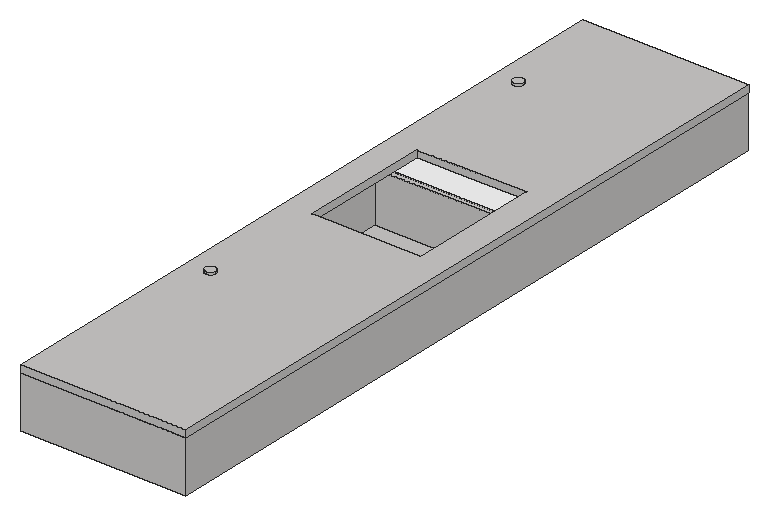
Revit family "Paper_Towel_Dispenser_And_Waste_Receptacle-Bobrick-B380349", category Specialty Equipment, host Face, Revit 2012
Parameters (values of type "B-380349")
  URL = "http://www.bobrick.com"
  Type Comments = "Satin Finish"
  Model = "B-380349"
  Manufacturer = "Bobrick Washroom Equipment, Inc."
  Keynote = ""
  Finish Material = Stainless Steel - Bobrick - Satin
  Description = "Surface-Mounted Paper Towel Dispenser And Waste Receptacle"
  Default Elevation = 4' - 0"
  Assembly Code = "C1030200"
  ADA Compliant = yes
Reference planes (in)
  plane 1 "Center (Front/Back)": y = 0
  plane 2: z = 0
  plane 3 "Center (Left/Right)": x = 0
  plane 4: x = -6.5
  plane 5: x = 6.5
  plane 6: y = -27.5625
  plane 7: y = 27.5625
  plane 8: x = -4.6875
  plane 9: x = -4.3125
  plane 10: x = 4.25
  plane 11: z = 4.0625
  plane 12: z = 4.625
  plane 13: y = -26.5625
  plane 14: y = 26.5625
  plane 15: x = 5.5
  plane 16: x = -5.5
  plane 17: y = -11.1875
  plane 18: y = -1.75
  plane 19: y = 8.125
  plane 20: y = 19
  plane 21: y = 8.625
  plane 22: y = 7.0625
  plane 23 "Elevation": y = 6.3125
  plane 24: y = 5.9375
  plane 25: z = 0.0625
  plane 26: z = 4.75
Forms (in)
  Extrusion 1, solid, material "Stainless Steel - Bobrick - Satin" <- "Finish Material"
    sketch origin (0, 0, 0) x (1, 0, 0) y (0, 1, 0)
      loop
        line (-6.5, 27.5625) -> (-6.5, -27.5625) -> (6.5, -27.5625) -> (6.5, 27.5625) -> (-6.5, 27.5625)
    from 0 to 0.0625
  Extrusion 2, solid, material "Stainless Steel - Bobrick - Satin" <- "Finish Material"
    sketch origin (0, 0, 0) x (1, 0, 0) y (0, 1, 0)
      loop
        line (-6.5, 27.5625) -> (-6.5, -27.5625) -> (6.5, -27.5625) -> (6.5, 27.5625) -> (-6.5, 27.5625)
      loop
        line (-5.5, 26.5625) -> (-5.5, -26.5625) -> (5.5, -26.5625) -> (5.5, 26.5625) -> (-5.5, 26.5625)
    from 0 to 4.0625
  Extrusion 3, solid, material "Stainless Steel - Bobrick - Satin" <- "Finish Material"
    sketch origin (0, 0, 0) x (1, 0, 0) y (0, 1, 0)
      loop
        line (-6.5, 27.5625) -> (-6.5, -27.5625) -> (6.5, -27.5625) -> (6.5, 27.5625) -> (-6.5, 27.5625)
      loop
        line (4.25, 8.625) -> (-4.3125, 8.625) -> (-4.3125, -1.75) -> (4.25, -1.75) -> (4.25, 8.625)
    from 4.0625 to 4.625
  Extrusion 4, solid, material "Stainless Steel - Bobrick - Satin" <- "Finish Material"
    sketch origin (0, 0, 0) x (1, 0, 0) y (0, 1, 0)
      loop
        line (-5.5, 6.3125) -> (-5.5, 5.9375) -> (5.5, 5.9375) -> (5.5, 6.3125) -> (-5.5, 6.3125)
    from 0 to 4.0625
  Extrusion 5, solid, material "Paper Towel - Bobrick", detail levels fine
    sketch origin (0, 0, 0) x (1, 0, 0) y (0, 1, 0)
      loop
        line (-4.3125, 6.3125) -> (4.25, 6.3125) -> (4.25, 8.625) -> (-4.3125, 8.625) -> (-4.3125, 6.3125)
    from 0.0625 to 4.0625
  Extrusion 6, solid, material "Stainless Steel - Bobrick - Satin" <- "Finish Material", detail levels fine
    sketch origin (0, 0, 0) x (1, 0, 0) y (0, 1, 0)
      loop
        circle (-4.6875, 19) r 0.40625
    from 4.625 to 4.75
  Extrusion 7, solid, material "Stainless Steel - Bobrick - Satin" <- "Finish Material", detail levels fine
    sketch origin (0, -30.1875, 0) x (1, 0, 0) y (0, 1, 0)
      loop
        circle (-4.6875, 19) r 0.40625
    from 4.625 to 4.75
Cuts and joins
  joined: Extrusion 1, Extrusion 2, Extrusion 4
Lines and regions (in)
  Masking region 1
    outline origin (0, 0, 0) x (1, 0, 0) y (0, 1, 0)
      loop
        line (-6.5, 27.5625) -> (-6.5, -27.5625) -> (6.5, -27.5625) -> (6.5, 27.5625) -> (-6.5, 27.5625)
  Masking region 2
    outline origin (0, 0, 0) x (1, 0, 0) y (0, 0, 1)
      loop
        line (-6.5, 4.625) -> (-6.5, 0) -> (6.5, 0) -> (6.5, 4.625) -> (-6.5, 4.625)
  Masking region 3, detail levels fine
    outline origin (0, 0, 0) x (1, 0, 0) y (0, 0, 1)
      loop
        line (-5.09375, 4.75) -> (-5.09375, 4.625) -> (-4.28125, 4.625) -> (-4.28125, 4.75) -> (-5.09375, 4.75)
  Masking region 4
    outline origin (0, 0, 0) x (0, 1, 0) y (0, 0, 1)
      loop
        line (27.5625, 4.625) -> (-27.5625, 4.625) -> (-27.5625, 0) -> (27.5625, 0) -> (27.5625, 4.625)
  Masking region 5, detail levels fine
    outline origin (0, 0, 0) x (0, 1, 0) y (0, 0, 1)
      loop
        line (19.40625, 4.75) -> (18.59375, 4.75) -> (18.59375, 4.625) -> (19.40625, 4.625) -> (19.40625, 4.75)
      loop
        line (-10.78125, 4.75) -> (-11.59375, 4.75) -> (-11.59375, 4.625) -> (-10.78125, 4.625) -> (-10.78125, 4.75)
  symbolic lines, detail levels medium+fine
    curve 1: line (-4.3125, 8.625, 0) -> (4.25, 8.625, 0)
    curve 2: line (-4.3125, -1.75, 0) -> (-4.3125, 8.625, 0)
    curve 3: line (4.25, -1.75, 0) -> (-4.3125, -1.75, 0)
    curve 4: line (4.25, 8.625, 0) -> (4.25, -1.75, 0)
  symbolic lines, style "Paper Towel Dispenser", detail levels fine
    curve 5: line (-4.3125, 5.9375, 0) -> (4.25, 5.9375, 0)
    curve 6: line (4.25, 4.32721, 0) -> (-4.3125, 4.32721, 0)
    curve 7: line (4.25, 5.73836, 0) -> (-0.03125, 5.73836, 0)
    curve 8: line (-0.03125, 5.73836, 0) -> (-4.3125, 5.73836, 0)
    curve 11: spline (-4.6875, 18.75, 4.75) -> (-4.67557, 18.75852, 4.75) -> (-4.66446, 18.78349, 4.75) -> (-4.65491, 18.82322, 4.75) -> (-4.64759, 18.875, 4.75) -> (-4.64298, 18.9353, 4.75) -> (-4.64141, 19, 4.75) -> (-4.64298, 19.0647, 4.75) -> (-4.64759, 19.125, 4.75) -> (-4.65491, 19.17678, 4.75) -> (-4.66446, 19.21651, 4.75) -> (-4.67557, 19.24148, 4.75) -> (-4.6875, 19.25, 4.75) -> (-4.69943, 19.24148, 4.75) -> (-4.71054, 19.21651, 4.75) -> (-4.72009, 19.17678, 4.75) -> (-4.72741, 19.125, 4.75) -> (-4.73202, 19.0647, 4.75) -> (-4.73359, 19, 4.75) -> (-4.73202, 18.9353, 4.75) -> (-4.72741, 18.875, 4.75) -> (-4.72009, 18.82322, 4.75) -> (-4.71054, 18.78349, 4.75) -> (-4.69943, 18.75852, 4.75) -> (-4.6875, 18.75, 4.75)
    curve 12: arc (-4.28125, -11.1875, 4.75) -> (-4.6875, -10.78125, 4.75) -> (-5.09375, -11.1875, 4.75) r 0.40625
    curve 13: arc (-5.09375, -11.1875, 4.75) -> (-4.6875, -11.59375, 4.75) -> (-4.28125, -11.1875, 4.75) r 0.40625
    curve 14: spline (-4.6875, -11.4375, 4.75) -> (-4.67557, -11.42898, 4.75) -> (-4.66446, -11.40401, 4.75) -> (-4.65491, -11.36428, 4.75) -> (-4.64759, -11.3125, 4.75) -> (-4.64298, -11.2522, 4.75) -> (-4.64141, -11.1875, 4.75) -> (-4.64298, -11.1228, 4.75) -> (-4.64759, -11.0625, 4.75) -> (-4.65491, -11.01072, 4.75) -> (-4.66446, -10.97099, 4.75) -> (-4.67557, -10.94602, 4.75) -> (-4.6875, -10.9375, 4.75) -> (-4.69943, -10.94602, 4.75) -> (-4.71054, -10.97099, 4.75) -> (-4.72009, -11.01072, 4.75) -> (-4.72741, -11.0625, 4.75) -> (-4.73202, -11.1228, 4.75) -> (-4.73359, -11.1875, 4.75) -> (-4.73202, -11.2522, 4.75) -> (-4.72741, -11.3125, 4.75) -> (-4.72009, -11.36428, 4.75) -> (-4.71054, -11.40401, 4.75) -> (-4.69943, -11.42898, 4.75) -> (-4.6875, -11.4375, 4.75)
    curve 15: line (-6.5, 0, 4.0625) -> (6.5, 0, 4.0625)
    curve 16: line (0, 27.5625, 4.0625) -> (0, -27.5625, 4.0625)
  symbolic lines, style "Paper Towel Dispenser"
    curve 9: arc (-4.28125, 19, 4.75) -> (-4.6875, 19.40625, 4.75) -> (-5.09375, 19, 4.75) r 0.40625
    curve 10: arc (-5.09375, 19, 4.75) -> (-4.6875, 18.59375, 4.75) -> (-4.28125, 19, 4.75) r 0.40625
Dimensions and locks (in)
  equal spacing: plane 4, plane 3 "Center (Left/Right)", plane 5
  locked: plane 4 to plane 5 at 13
  equal spacing: plane 6, plane 1 "Center (Front/Back)", plane 7
  locked: plane 6 to plane 7 at 55.125
  locked: plane 4 to plane 8 at 1.8125
  locked: plane 4 to plane 9 at 2.1875
  locked: plane 10 to plane 5 at 2.25
  plane 1 "Center (Front/Back)" to plane 6 = 2' - 3 9/16"
  locked: plane 11 to plane 2 at 4.0625
  locked: plane 12 to plane 11 at 0.5625
  locked: plane 13 to plane 6 at 1
  locked: plane 14 to plane 7 at 1
  locked: plane 15 to plane 5 at 1
  locked: plane 4 to plane 16 at 1
  locked: plane 17 to plane 6 at 16.375
  locked: plane 18 to plane 6 at 25.8125
  locked: plane 21 to plane 18 at 10.375
  locked: plane 20 to plane 7 at 8.5625
  locked: plane 21 to plane 19 at 0.5
  locked: plane 19 to plane 22 at 1.0625
  locked: plane 22 to plane 23 "Elevation" at 0.75
  locked: plane 23 "Elevation" to plane 24 at 0.375
  locked: plane 25 to plane 2 at 0.0625
  locked: plane 26 to plane 12 at 0.125
  aligned and locked: host face to plane 2
  aligned and locked: level to host face
  aligned and locked: plane 7 to Extrusion 1 sketch curve
  aligned and locked: plane 4 to Extrusion 1 sketch curve
  aligned and locked: plane 6 to Extrusion 1 sketch curve
  aligned and locked: Extrusion 1 sketch curve to plane 5
  aligned and locked: Extrusion 1 to plane 2
  aligned and locked: plane 25 to Extrusion 1
  aligned and locked: plane 14 to Extrusion 2 sketch curve
  aligned and locked: Extrusion 2 sketch curve to plane 16
  aligned and locked: plane 13 to Extrusion 2 sketch curve
  aligned and locked: Extrusion 2 sketch curve to plane 15
  aligned and locked: Extrusion 2 to plane 2
  aligned and locked: plane 11 to Extrusion 2
  aligned and locked: plane 21 to Extrusion 3 sketch curve
  aligned and locked: plane 10 to Extrusion 3 sketch curve
  aligned and locked: Extrusion 3 sketch curve to plane 18
  aligned and locked: Extrusion 3 sketch curve to plane 9
  aligned and locked: Extrusion 3 to plane 11
  aligned and locked: plane 12 to Extrusion 3
  aligned and locked: Extrusion 4 sketch curve to plane 23 "Elevation"
  aligned and locked: Extrusion 4 sketch curve to plane 16
  aligned and locked: plane 24 to Extrusion 4 sketch curve
  aligned and locked: Extrusion 4 sketch curve to plane 15
  aligned and locked: Extrusion 4 to plane 2
  aligned and locked: plane 11 to Extrusion 4
  aligned and locked: Extrusion 5 sketch curve to plane 23 "Elevation"
  aligned and locked: Extrusion 5 sketch curve to plane 9
  aligned and locked: Extrusion 5 to plane 25
  aligned and locked: plane 11 to Extrusion 5
  aligned and locked: curve 5 to plane 24
  aligned and locked: Extrusion 6 to plane 12
  aligned and locked: plane 26 to Extrusion 6
  aligned and locked: Extrusion 7 to plane 12
  aligned and locked: plane 26 to Extrusion 7
  aligned and locked: curve 9 to Extrusion 6
  aligned and locked: curve 10 to Extrusion 6
  aligned and locked: curve 12 to Extrusion 7
  aligned and locked: curve 13 to Extrusion 7
  aligned and locked: Masking region 3 sketch curve to Extrusion 6  (x4)
  aligned and locked: Masking region 5 sketch curve to Extrusion 6  (x2)
  aligned and locked: Masking region 5 sketch curve to Extrusion 7  (x2)
  aligned and locked: plane 10 to Extrusion 5
  aligned and locked: plane 21 to Extrusion 5
  aligned and locked: plane 9 to Extrusion 3
  aligned and locked: Extrusion 5 to plane 9
  aligned and locked: plane 17 to Extrusion 7 sketch curve
  aligned and locked: plane 8 to Extrusion 7 sketch curve
  aligned and locked: plane 20 to Extrusion 6 sketch curve
  aligned and locked: plane 8 to Extrusion 6 sketch curve
  aligned and locked: cut or joined group of Extrusion 1, Extrusion 2, Extrusion 4 to plane 4
  aligned and locked: plane 7 to Extrusion 3 sketch curve
  aligned and locked: plane 4 to Extrusion 3 sketch curve
  aligned and locked: Extrusion 3 sketch curve to plane 5
  aligned and locked: plane 6 to Extrusion 3 sketch curve
  aligned and locked: plane 7 to Extrusion 2 sketch curve
  aligned and locked: plane 4 to Extrusion 2 sketch curve
  aligned and locked: Extrusion 2 sketch curve to plane 5
  aligned and locked: plane 6 to Extrusion 2 sketch curve
Automatic sketch dimensions
  host sketch curve to host sketch curve = 8' - 0"  (x2)
  curve 11 to curve 10 = 0' - 0"  (x2)
  curve 11 to curve 10 = 0' - 0 1/4"
  curve 15 to plane 4 = 0' - 0"
  curve 15 to plane 5 = 0' - 0"
  Masking region 5 sketch curve to plane 17 = 0' - 0 13/32"
  plane 17 to Masking region 5 sketch curve = 0' - 0 13/32"
  Masking region 5 sketch curve to plane 20 = 0' - 0 13/32"
  plane 20 to Masking region 5 sketch curve = 0' - 0 13/32"
  curve 16 to plane 6 = 0' - 0"
  curve 16 to plane 7 = 0' - 0"
  curve 1 to plane 9 = 0' - 0"
  curve 6 to plane 10 = 0' - 0"
  curve 4 to plane 18 = 0' - 0"
  curve 2 to plane 21 = 0' - 0"
  plane 10 to Extrusion 5 sketch curve = 0' - 0"
  plane 21 to Extrusion 5 sketch curve = 0' - 0"
  Masking region 2 sketch curve to plane 4 = 0' - 0"
  Masking region 2 sketch curve to plane 12 = 0' - 0"
  Masking region 4 sketch curve to plane 7 = 0' - 0"
  Masking region 4 sketch curve to plane 12 = 0' - 0"
  curve 7 to plane 3 "Center (Left/Right)" = 0' - 0 1/32"
  curve 8 to curve 7 = 0' - 0"  (x2)
  curve 7 to plane 24 = 0' - 0.19914"
  curve 16 to plane 11 = 0' - 0"
  curve 15 to plane 11 = 0' - 0"
  curve 6 to curve 8 = 0' - 1.41115"
  curve 14 to curve 12 = 0' - 0"  (x2)
  curve 14 to curve 12 = 0' - 0 1/4"
  Masking region 1 sketch curve to plane 4 = 0' - 0"
  Masking region 1 sketch curve to plane 5 = 0' - 0"
  Masking region 1 sketch curve to plane 6 = 0' - 0"
  plane 7 to Masking region 1 sketch curve = 0' - 0"
  Masking region 2 sketch curve to level = 0' - 0"
  Masking region 2 sketch curve to plane 5 = 0' - 0"
  Masking region 4 sketch curve to plane 6 = 0' - 0"
  Masking region 4 sketch curve to level = 0' - 0"
  radius of Extrusion 6 sketch curve = 0' - 0 13/32"
  radius of Extrusion 7 sketch curve = 0' - 0 13/32"
